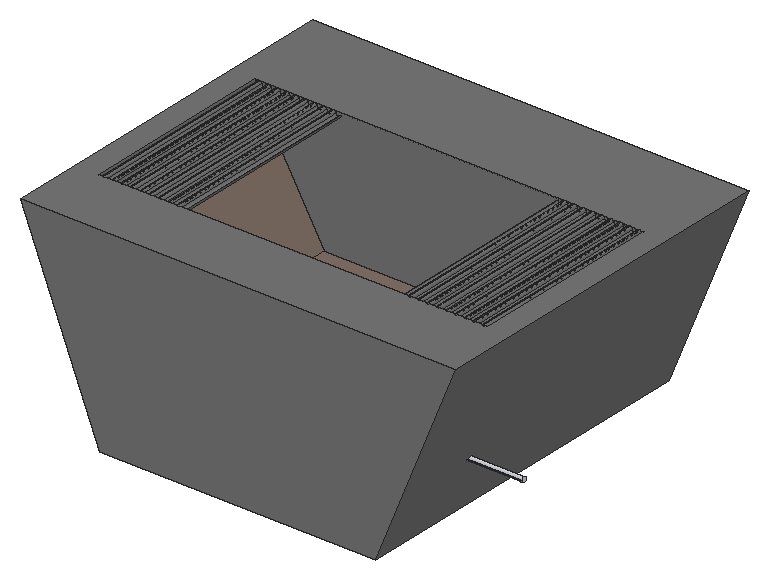
Revit family "Fireplace_Wood_Heatilator_Element", category Mechanical Equipment, host Face, Revit 2015
Parameters (values of type "42x21 Viewing Area Gas Log")
  hvacrad [instance] = Outside Air Connection Diameter / 2  # 0' - 2 1/2"
  gasrad [instance] = Gas Connection Diameter / 2  # 0' - 0 1/4"
  exhaustrad [instance] = Exhaust Connection Diameter / 2  # 0' - 2 1/2"
  Warranty Duration (Years) = 0
  Unit Width = 3' - 11"
  Unit Weight = 0
  Unit Height = 3' - 3 1/2"
  Unit Depth = 1' - 9 3/8"
  URL = "http://www.heatilator.com/"
  Test Data = ""
  Standards Conformance = "UL  ;  cUL"
  Specification = "http://www.arcat.com/sdspecs/htm04/10_31_07hea.htm"
  SpecWizard = ""
  Send Message = "http://www.arcat.com/users.pl?action=UserEmail&amp;company=Heatilator<sup><small></small></sup>&amp;coid=49248&amp;rep=144&amp;fax=&amp;mf=95"
  Screen [instance] = ElementFace : Mesh Screen
  Sales Information = "http://www.heatilator.com/Contact-Us.aspx"
  Revision = "R2_2014-09"
  Recess Into Host [instance] = 1' - 9 3/8"
  Rear Width = 2' - 5 3/4"
  Rear Wall Finish [instance] = Masonry - Heatilator - Brick as Specified
  Product Properties = ""
  Product Data = "http://www.arcat.com/arcatcos/cos9549/arc49248.html"
  Opening Width = 3' - 6"
  Opening Height = 1' - 9"
  Mounting Height [instance] = 1' - 10.76867"
  Model = "EL42 Gas"
  Manufacturer Website = "http://www.heatilator.com/"
  Manufacturer Phone - Toll Free = "800-927-6841"
  Manufacturer Phone = ""
  Manufacturer Fax = ""
  Manufacturer Address = "7571 215th St. W.  Lakeville, MN 55044"
  Manufacturer = "Heatilator"
  Maintenance Schedule (Months) = 0
  Keynote = "10305"
  Installation-Fabrication = ""
  Installation Phase = ""
  Heating Capacity = "as Specified"
  HVAC_BTU Output = 0.0 Btu/h
  HVAC_BTU Input = 100000.0 Btu/h
  Outside Air Connection Diameter [instance] = 5"
  Green Building-LEED = ""
  Glazing Tint [instance] = Glazing - Heatilator - Clear
  Gas Connection Diameter [instance] = 1/2"
  Fuel Type = "NG"
  Fuel Consumption = "as Specified"
  Fixture Finish = Metal - Heatilator - Metallic Black
  Expected Lifespan (Years) = 0
  Exhaust Connection Diameter [instance] = 5"
  Efficiency Ratings = "as Specified"
  Drawn By = "Sumex Design, Inc. / Robert S. Weygant, CSI, CDT, SCIP"
  Door Finish [instance] = Metal - Heatilator - Metallic Black
  Description = "Heatilator Gas Burning Fireplace - Element EL42 as Specified"
  Default Elevation = 0' - 0"
  Copyright = "©Arcat Inc."
  Construction Details = "http://www.arcat.com/details/heatil/heatil.html?coid=49248"
  Building Codes = ""
  Assembly Code = "D3020"
Types (4): name | Unit Width | Rear Width | Opening Width | Model | HVAC_BTU Input | Fuel Type | Efficiency Ratings | Description
  42x21 Viewing Area Gas Log | 3' - 11" | 2' - 5 3/4" | 3' - 6" | "EL42 Gas" | 100000.0 Btu/h | "NG" | "as Specified" | "Heatilator Gas Burning Fireplace - Element EL42 as Specified"
  36x21 Viewing Area Gas Log | 3' - 5" | 1' - 11 3/4" | 3' - 0" | "EL36 Gas" | 100000.0 Btu/h | "NG" | "as Specified" | "Heatilator Gas Burning Fireplace - Element EL36 as Specified"
  42x21 Viewing Area Wood | 3' - 11" | 2' - 5 3/4" | 3' - 6" | "EL42" | 0.0 Btu/h | "Wood" | "Determined by Wood Used" | "Heatilator Wood Burning Fireplace - Element EL42 as Specified"
  36x21 Viewing Area Wood | 3' - 5" | 1' - 11 3/4" | 3' - 0" | "EL36" | 0.0 Btu/h | "Wood" | "Determined by Wood Used" | "Heatilator Wood Burning Fireplace - Element EL36 as Specified"
Reference planes (in)
  plane 1 "Opening CL": y = 0
  plane 2: z = 0
  plane 3 "Center (Left/Right)": x = 0
  plane 4: z = -21.375
  plane 5 "Front": z = 0
  plane 6: x = -21
  plane 7: x = 21
  plane 8: y = 10.0625
  plane 9 "FF": y = -41.20617
  plane 10: y = -18.4375
  plane 11: y = -10.9375
  plane 12: x = -23.5
  plane 13: x = 23.5
  plane 14: y = 21.0625
  plane 15: x = -14.875
  plane 16: x = 14.875
Forms (in)
  Extrusion 1, void
    sketch origin (0, 0, 0) x (1, 0, 0) y (0, 1, 0)
      loop
        line (23.5, 21.0625) -> (-23.5, 21.0625) -> (-23.5, -18.4375) -> (23.5, -18.4375) -> (23.5, 21.0625)
    from -21.375 to 5.63952
  Extrusion 2, solid
    sketch origin (0, 21.0625, 0) x (0, 0, -1) y (1, 0, 0)
      loop
        circle (14, 0) r 2.5
    from 0 to 2.19594
  Extrusion 3, solid, material "Metal - Heatilator - Metallic Black" <- "Fixture Finish"
    sketch origin (0, 0, 0) x (1, 0, 0) y (0, 0, 1)
      loop
        line (-23.5, 0) -> (-14.875, -21.375) -> (14.875, -21.375) -> (23.5, 0) -> (-23.5, 0)
    from 10.9375 to 18.4375
  Extrusion 4, solid, material "Metal - Heatilator - Metallic Black" <- "Fixture Finish"
    sketch origin (0, 0, 0) x (1, 0, 0) y (0, 0, 1)
      loop
        line (-23.5, 0) -> (-14.875, -21.375) -> (14.875, -21.375) -> (23.5, 0) -> (21, 0) -> (21, -1) -> (13.49445, -14) -> (-13.49445, -14) -> (-21, -1) -> (-21, 0) -> (-23.5, 0)
    from -10.0625 to 10.9375
  Extrusion 5, solid, material "Metal - Heatilator - Metallic Black" <- "Fixture Finish"
    sketch origin (-6.5, -18.4375, 48) x (1, 0, 0) y (0, 0, 1)
      loop
        line (-17, -48) -> (-8.375, -69.375) -> (21.375, -69.375) -> (30, -48) -> (-17, -48)
    from -28.5 to -39.5
  Extrusion 6, solid
    sketch origin (-23.5, -180, 14.07791) x (0, 0, 1) y (0, -1, 0)
      loop
        circle (-25.20291, -168.4375) r 2.5
    from 0 to 1.59306
  Extrusion 7, solid
    sketch origin (0, 0, 0) x (0, 1, 0) y (0, 0, 1)
      loop
        circle (-9.1875, -14.625) r 0.25
    from -23.5 to 23.5
Cuts and joins
  joined: Extrusion 3, Extrusion 4, Extrusion 5
Dimensions and locks (in)
  "Recess Into Host": level to plane 4
  "Unit Depth": plane 5 "Front" to plane 4
  equal spacing: plane 6, plane 3 "Center (Left/Right)", plane 7
  "Opening Width": plane 6 to plane 7
  "Mounting Height": plane 10 to plane 9 "FF"
  locked: plane 10 to plane 11 at 7.5
  "Opening Height": plane 8 to plane 11
  equal spacing: plane 12, plane 3 "Center (Left/Right)", plane 13
  "Unit Width": plane 12 to plane 13
  "Unit Height": plane 10 to plane 14
  locked: Extrusion 2 sketch curve to plane 3 "Center (Left/Right)" at 0
  equal spacing: plane 16, plane 3 "Center (Left/Right)", plane 15
  "Rear Width": plane 16 to plane 15
  locked: plane 5 "Front" to Extrusion 4 sketch curve at 14
  locked: plane 5 "Front" to Extrusion 4 sketch curve at 1  (x2)
  locked: plane 10 to Extrusion 6 sketch curve at 6.875
  locked: plane 5 "Front" to Extrusion 6 sketch curve at 11.125
  locked: Extrusion 7 sketch curve to plane 4 at 6.75
  locked: plane 10 to Extrusion 7 sketch curve at 9.25
  locked: Extrusion 2 sketch curve to plane 4 at 7.375
  "exhaustrad": radius of Extrusion 2 sketch curve
  "hvacrad": radius of Extrusion 6 sketch curve
  "gasrad": radius of Extrusion 7 sketch curve
  locked: Extrusion 4 sketch curve to plane 7 (angle 30.00°)
  locked: plane 6 to Extrusion 4 sketch curve (angle 30.00°)
  aligned and locked: plane 2 to host face
  aligned and locked: level to host face
  aligned: Extrusion 1 to plane 5 "Front"
  aligned and locked: Extrusion 1 to plane 4
  aligned and locked: Extrusion 1 sketch curve to plane 10
  aligned and locked: plane 13 to Extrusion 1 sketch curve
  aligned and locked: Extrusion 1 sketch curve to plane 12
  aligned and locked: Extrusion 1 sketch curve to plane 14
  aligned and locked: plane 5 "Front" to Extrusion 3 sketch curve
  aligned and locked: Extrusion 3 sketch curve to plane 4
  aligned and locked: plane 16 to Extrusion 3 sketch curve
  aligned and locked: plane 15 to Extrusion 3 sketch curve
  aligned and locked: Extrusion 3 to plane 10
  aligned and locked: Extrusion 3 to plane 11
  aligned and locked: plane 5 "Front" to Extrusion 4 sketch curve
  aligned and locked: Extrusion 4 sketch curve to plane 5 "Front"
  aligned and locked: plane 15 to Extrusion 4 sketch curve
  aligned and locked: plane 16 to Extrusion 4 sketch curve
  aligned and locked: Extrusion 4 sketch curve to plane 4
  aligned and locked: Extrusion 4 to plane 8
  aligned and locked: Extrusion 4 to plane 11
  aligned and locked: plane 5 "Front" to Extrusion 5 sketch curve
  aligned and locked: plane 15 to Extrusion 5 sketch curve
  aligned and locked: plane 16 to Extrusion 5 sketch curve
  aligned and locked: plane 13 to Extrusion 5 sketch curve
  aligned and locked: plane 12 to Extrusion 5 sketch curve
  aligned and locked: Extrusion 5 to plane 8
  aligned and locked: nested 1 to plane 10
  aligned and locked: plane 3 "Center (Left/Right)" to nested 1
  aligned and locked: plane 13 to Extrusion 7
  aligned and locked: Extrusion 7 to plane 12
  aligned and locked: Extrusion 5 to plane 14
Automatic sketch dimensions
  host sketch curve to host sketch curve = 8' - 0"
  host sketch curve to host sketch curve = 10' - 4 9/16"
  Extrusion 3 sketch curve to plane 12 = 0' - 0"
  Extrusion 3 sketch curve to plane 13 = 0' - 0"
  Extrusion 4 sketch curve to plane 12 = 0' - 0"
  Extrusion 4 sketch curve to plane 6 = 0' - 0"
  Extrusion 4 sketch curve to plane 7 = 0' - 0"
  Extrusion 4 sketch curve to plane 13 = 0' - 0"
  Extrusion 5 sketch curve to plane 4 = 0' - 0"
Nested families (in)
  nested 1: "ElementFace" at (0, -18.4375, -0.75), Width <- "Opening Width", frame finish <- "Door Finish", clear material <- "Glazing Tint", type <- "Screen", type "Mesh Screen"
    with frame finish Metal - Heatilator - Metallic Black, clear material Glazing - Heatilator - Clear, built-in parameter 1001301 3' - 6", Mesh Screen yes, Mesh Doodads no, BiFold no
Connectors (in)
  hvac at (0, 21.0625, -14), driven by "exhaustrad"
    settings: on Extrusion 2, index 2, duct flow 0 CFM, flow factor 0, pres drop 0.00 in-wg, loss coef 0, conn angle 0.00°, conn width 12", conn height 12", conn diameter 5", duct sys type 3, conn prof type 0, flow config 0, flow direction 2, loss method 0, conn ref index -1, conn util no, is conn primary yes, conn desc "Exhaust"
  hvac at (-23.5, -11.5625, -11.125), driven by "hvacrad"
    settings: on Extrusion 6, index 4, duct flow 0 CFM, flow factor 0, pres drop 0.00 in-wg, loss coef 0, conn angle 0.00°, conn width 12", conn height 12", conn diameter 5", duct sys type 1, conn prof type 0, flow config 0, flow direction 1, loss method 0, conn ref index -1, conn util no, is conn primary no, conn desc "Outdoor Air"
  piping at (23.5, -9.1875, -14.625), diameter 0.5, driven by "gasrad"
    settings: on Extrusion 7, index 5, connector inside diameter 1/2", connector length 0' - 0", flow factor 0, pipe flow 0 GPM, pressure drop 0.00 psi, fitting loss kfactor 0, connector angle 0.00°, fixture units 0, engagement length 0' - 0", angle of deflection 0.00°, flow configuration 0, flow direction 1, fitting loss method 0, system type 29, joint type 0, gender type 0, connector reference index -1, connector utility 0, adjustable connector no, is connector primary yes, connector description "Gas Inlet - CONNECT ONE"
  piping at (-23.5, -9.1875, -14.625), diameter 0.5, driven by "gasrad"
    settings: on Extrusion 7, index 6, connector inside diameter 1/2", connector length 0' - 0", flow factor 0, pipe flow 0 GPM, pressure drop 0.00 psi, fitting loss kfactor 0, connector angle 0.00°, fixture units 0, engagement length 0' - 0", angle of deflection 0.00°, flow configuration 0, flow direction 1, fitting loss method 0, system type 29, joint type 0, gender type 0, connector reference index -1, connector utility 0, adjustable connector no, is connector primary no, connector description "Gas Inlet - CONNECT ONE"
Definition of nested family "ElementFace"
  Parameters
    frame finish [instance] = none
    clear material [instance] = none
    Width [instance] = 3' - 0"
    Mesh Screen = no
    Mesh Doodads = yes
    Default Elevation = 4' - 0"
    BiFold = yes
    Assembly Code = ""
  Reference planes (in)
    plane 1 "Center (Front/Back)": y = 0
    plane 2: z = 0
    plane 3 "Center (Left/Right)": x = 0
    plane 4: x = -18
    plane 5: x = 18
    plane 6: y = 7.5
    plane 7: y = 28.5
    plane 8: x = -9
    plane 9: x = 9
  Forms (in)
    Extrusion 1, solid, material <- "frame finish", visible <- "BiFold"
      sketch origin (0, 0, 0) x (1, 0, 0) y (0, 1, 0)
        loop
          line (-18, 28.5) -> (-18, 7.5) -> (18, 7.5) -> (18, 28.5) -> (-18, 28.5)
        loop
          line (-17, 8.5) -> (17, 8.5) -> (17, 27.5) -> (-17, 27.5) -> (-17, 8.5)
      from 0 to 0.75
    Extrusion 2, solid, material <- "frame finish", visible <- "BiFold"
      sketch origin (0, 0, 0) x (1, 0, 0) y (0, 1, 0)
        loop
          line (-9.125, 27.5) -> (-17, 27.5) -> (-17, 8.5) -> (-9.125, 8.5) -> (-9.125, 9.5) -> (-16, 9.5) -> (-16, 26.5) -> (-9.125, 26.5) -> (-9.125, 27.5)
        loop
          line (9.125, 27.5) -> (9.125, 26.5) -> (16, 26.5) -> (16, 9.5) -> (9.125, 9.5) -> (9.125, 8.5) -> (17, 8.5) -> (17, 27.5) -> (9.125, 27.5)
        loop
          line (-8.875, 27.5) -> (-8.875, 26.5) -> (-0.6875, 26.5) -> (-0.6875, 9.5) -> (-8.875, 9.5) -> (-8.875, 8.5) -> (-0.1875, 8.5) -> (-0.1875, 27.5) -> (-8.875, 27.5)
        loop
          line (8.875, 27.5) -> (0.1875, 27.5) -> (0.1875, 8.5) -> (8.875, 8.5) -> (8.875, 9.5) -> (0.6875, 9.5) -> (0.6875, 26.5) -> (8.875, 26.5) -> (8.875, 27.5)
      from 0 to 0.75
    Extrusion 3, solid, material <- "clear material", visible <- "BiFold"
      sketch origin (0, 0, 0) x (1, 0, 0) y (0, 1, 0)
        loop
          line (-9.125, 26.5) -> (-16, 26.5) -> (-16, 9.5) -> (-9.125, 9.5) -> (-9.125, 26.5)
        loop
          line (-8.875, 26.5) -> (-8.875, 9.5) -> (-0.6875, 9.5) -> (-0.6875, 26.5) -> (-8.875, 26.5)
        loop
          line (9.125, 26.5) -> (9.125, 9.5) -> (16, 9.5) -> (16, 26.5) -> (9.125, 26.5)
        loop
          line (8.875, 26.5) -> (0.6875, 26.5) -> (0.6875, 9.5) -> (8.875, 9.5) -> (8.875, 26.5)
      from 0.5 to 0.25
    Extrusion 4, solid, material <- "frame finish", visible <- "Mesh Doodads"
      sketch origin (0, 0, 0) x (1, 0, 0) y (0, 1, 0)
        loop
          line (-17.69338, 23.64349) -> (-17.69338, 21.39349) -> (-16.44338, 21.39349) -> (-16.44338, 23.64349) -> (-17.69338, 23.64349)
        loop
          line (17.69338, 23.64349) -> (16.44338, 23.64349) -> (16.44338, 21.39349) -> (17.69338, 21.39349) -> (17.69338, 23.64349)
        loop
          line (-17.69338, 14.39349) -> (-17.69338, 12.14349) -> (-16.44338, 12.14349) -> (-16.44338, 14.39349) -> (-17.69338, 14.39349)
        loop
          line (17.69338, 14.39349) -> (16.44338, 14.39349) -> (16.44338, 12.14349) -> (17.69338, 12.14349) -> (17.69338, 14.39349)
      from 0.75 to 1.25
    Extrusion 5, solid, material <- "frame finish", visible <- "Mesh Doodads"
      sketch origin (0, 0, 0) x (1, 0, 0) y (0, 1, 0)
        loop
          line (-1.27485, 9.2509) -> (-3.52485, 9.2509) -> (-3.52485, 8.7509) -> (-1.27485, 8.7509) -> (-1.27485, 9.2509)
        loop
          line (1.27485, 9.2509) -> (1.27485, 8.7509) -> (3.52485, 8.7509) -> (3.52485, 9.2509) -> (1.27485, 9.2509)
      from 0.75 to 1.75
    Sweep 6, solid, material <- "frame finish", visible <- "Mesh Screen"
      path origin (0, 0, 0) x (1, 0, 0) y (0, 1, 0)
        loop
          line (-18, 7.5) -> (-18, 28.5)
      profile origin (-18, 18, 0) x (-1, 0, 0) y (0, 0, 1)
        loop
          arc (-0.25, 0.5) -> (-0.5, 0.75) -> (-0.75, 0.5) r 0.25
          arc (-0.75, 0.5) -> (-1, 0.25) -> (-1.25, 0.5) r 0.25
          arc (-1.25, 0.5) -> (-1.5, 0.75) -> (-1.75, 0.5) r 0.25
          arc (-1.75, 0.5) -> (-2, 0.25) -> (-2.25, 0.5) r 0.25
          arc (-2.25, 0.5) -> (-2.5, 0.75) -> (-2.75, 0.5) r 0.25
          arc (-2.75, 0.5) -> (-3, 0.25) -> (-3.25, 0.5) r 0.25
          arc (-3.25, 0.5) -> (-3.5, 0.75) -> (-3.75, 0.5) r 0.25
          arc (-3.75, 0.5) -> (-4, 0.25) -> (-4.25, 0.5) r 0.25
          arc (-4.25, 0.5) -> (-4.5, 0.75) -> (-4.75, 0.5) r 0.25
          arc (-4.75, 0.5) -> (-5, 0.25) -> (-5.25, 0.5) r 0.25
          arc (-5.25, 0.5) -> (-5.5, 0.75) -> (-5.75, 0.5) r 0.25
          arc (-5.75, 0.5) -> (-6, 0.25) -> (-6.25, 0.5) r 0.25
          arc (-6.25, 0.5) -> (-6.5, 0.75) -> (-6.75, 0.5) r 0.25
          arc (-6.75, 0.5) -> (-7, 0.25) -> (-7.25, 0.5) r 0.25
          arc (-7.25, 0.5) -> (-7.5, 0.75) -> (-7.75, 0.5) r 0.25
          arc (-7.75, 0.5) -> (-8, 0.25) -> (-8.25, 0.5) r 0.25
          arc (-8.25, 0.5) -> (-8.5, 0.75) -> (-8.75, 0.5) r 0.25
          arc (-8.75, 0.5) -> (-9, 0.25) -> (-9.25, 0.5) r 0.25
          line (-9.25, 0.5) -> (-9.3125, 0.5)
          arc (-9.3125, 0.5) -> (-9, 0.1875) -> (-8.6875, 0.5) r 0.3125
          arc (-8.6875, 0.5) -> (-8.5, 0.6875) -> (-8.3125, 0.5) r 0.1875
          arc (-8.3125, 0.5) -> (-8, 0.1875) -> (-7.6875, 0.5) r 0.3125
          arc (-7.6875, 0.5) -> (-7.5, 0.6875) -> (-7.3125, 0.5) r 0.1875
          arc (-7.3125, 0.5) -> (-7, 0.1875) -> (-6.6875, 0.5) r 0.3125
          arc (-6.6875, 0.5) -> (-6.5, 0.6875) -> (-6.3125, 0.5) r 0.1875
          arc (-6.3125, 0.5) -> (-6, 0.1875) -> (-5.6875, 0.5) r 0.3125
          arc (-5.6875, 0.5) -> (-5.5, 0.6875) -> (-5.3125, 0.5) r 0.1875
          arc (-5.3125, 0.5) -> (-5, 0.1875) -> (-4.6875, 0.5) r 0.3125
          arc (-4.6875, 0.5) -> (-4.5, 0.6875) -> (-4.3125, 0.5) r 0.1875
          arc (-4.3125, 0.5) -> (-4, 0.1875) -> (-3.6875, 0.5) r 0.3125
          arc (-3.6875, 0.5) -> (-3.5, 0.6875) -> (-3.3125, 0.5) r 0.1875
          arc (-3.3125, 0.5) -> (-3, 0.1875) -> (-2.6875, 0.5) r 0.3125
          arc (-2.6875, 0.5) -> (-2.5, 0.6875) -> (-2.3125, 0.5) r 0.1875
          arc (-2.3125, 0.5) -> (-2, 0.1875) -> (-1.6875, 0.5) r 0.3125
          arc (-1.6875, 0.5) -> (-1.5, 0.6875) -> (-1.3125, 0.5) r 0.1875
          arc (-1.3125, 0.5) -> (-1, 0.1875) -> (-0.6875, 0.5) r 0.3125
          arc (-0.6875, 0.5) -> (-0.46829, 0.6848) -> (-0.32322, 0.4375) r 0.1875
          line (-0.32322, 0.4375) -> (0, 0.4375) -> (0, 0.5) -> (-0.25, 0.5)
    Sweep 7, solid, material <- "frame finish", visible <- "Mesh Screen"
      path origin (0, 0, 0) x (1, 0, 0) y (0, 1, 0)
        loop
          line (18, 28.5) -> (18, 7.5)
      profile origin (18, 18, 0) x (1, 0, 0) y (0, 0, 1)
        loop
          arc (-8.25, 0.5) -> (-8.5, 0.75) -> (-8.75, 0.5) r 0.25
          arc (-8.75, 0.5) -> (-9, 0.25) -> (-9.25, 0.5) r 0.25
          line (-9.25, 0.5) -> (-9.3125, 0.5)
          arc (-9.3125, 0.5) -> (-9, 0.1875) -> (-8.6875, 0.5) r 0.3125
          arc (-8.6875, 0.5) -> (-8.5, 0.6875) -> (-8.3125, 0.5) r 0.1875
          arc (-8.3125, 0.5) -> (-8, 0.1875) -> (-7.6875, 0.5) r 0.3125
          arc (-7.6875, 0.5) -> (-7.5, 0.6875) -> (-7.3125, 0.5) r 0.1875
          arc (-7.3125, 0.5) -> (-7, 0.1875) -> (-6.6875, 0.5) r 0.3125
          arc (-6.6875, 0.5) -> (-6.5, 0.6875) -> (-6.3125, 0.5) r 0.1875
          arc (-6.3125, 0.5) -> (-6, 0.1875) -> (-5.6875, 0.5) r 0.3125
          arc (-5.6875, 0.5) -> (-5.5, 0.6875) -> (-5.3125, 0.5) r 0.1875
          arc (-5.3125, 0.5) -> (-5, 0.1875) -> (-4.6875, 0.5) r 0.3125
          arc (-4.6875, 0.5) -> (-4.5, 0.6875) -> (-4.3125, 0.5) r 0.1875
          arc (-4.3125, 0.5) -> (-4, 0.1875) -> (-3.6875, 0.5) r 0.3125
          arc (-3.6875, 0.5) -> (-3.5, 0.6875) -> (-3.3125, 0.5) r 0.1875
          arc (-3.3125, 0.5) -> (-3, 0.1875) -> (-2.6875, 0.5) r 0.3125
          arc (-2.6875, 0.5) -> (-2.5, 0.6875) -> (-2.3125, 0.5) r 0.1875
          arc (-2.3125, 0.5) -> (-2, 0.1875) -> (-1.6875, 0.5) r 0.3125
          arc (-1.6875, 0.5) -> (-1.5, 0.6875) -> (-1.3125, 0.5) r 0.1875
          arc (-1.3125, 0.5) -> (-1, 0.1875) -> (-0.6875, 0.5) r 0.3125
          arc (-0.6875, 0.5) -> (-0.46829, 0.6848) -> (-0.32322, 0.4375) r 0.1875
          line (-0.32322, 0.4375) -> (0, 0.4375) -> (0, 0.5) -> (-0.25, 0.5)
          arc (-0.25, 0.5) -> (-0.5, 0.75) -> (-0.75, 0.5) r 0.25
          arc (-0.75, 0.5) -> (-1, 0.25) -> (-1.25, 0.5) r 0.25
          arc (-1.25, 0.5) -> (-1.5, 0.75) -> (-1.75, 0.5) r 0.25
          arc (-1.75, 0.5) -> (-2, 0.25) -> (-2.25, 0.5) r 0.25
          arc (-2.25, 0.5) -> (-2.5, 0.75) -> (-2.75, 0.5) r 0.25
          arc (-2.75, 0.5) -> (-3, 0.25) -> (-3.25, 0.5) r 0.25
          arc (-3.25, 0.5) -> (-3.5, 0.75) -> (-3.75, 0.5) r 0.25
          arc (-3.75, 0.5) -> (-4, 0.25) -> (-4.25, 0.5) r 0.25
          arc (-4.25, 0.5) -> (-4.5, 0.75) -> (-4.75, 0.5) r 0.25
          arc (-4.75, 0.5) -> (-5, 0.25) -> (-5.25, 0.5) r 0.25
          arc (-5.25, 0.5) -> (-5.5, 0.75) -> (-5.75, 0.5) r 0.25
          arc (-5.75, 0.5) -> (-6, 0.25) -> (-6.25, 0.5) r 0.25
          arc (-6.25, 0.5) -> (-6.5, 0.75) -> (-6.75, 0.5) r 0.25
          arc (-6.75, 0.5) -> (-7, 0.25) -> (-7.25, 0.5) r 0.25
          arc (-7.25, 0.5) -> (-7.5, 0.75) -> (-7.75, 0.5) r 0.25
          arc (-7.75, 0.5) -> (-8, 0.25) -> (-8.25, 0.5) r 0.25
  Dimensions and locks (in)
    equal spacing: plane 4, plane 3 "Center (Left/Right)", plane 5
    "Width": plane 4 to plane 5
    locked: plane 1 "Center (Front/Back)" to plane 6 at 7.5
    locked: plane 7 to plane 6 at 21
    equal spacing: plane 4, plane 8, plane 3 "Center (Left/Right)"
    equal spacing: plane 3 "Center (Left/Right)", plane 9, plane 5
    locked: Extrusion 2 sketch curve to plane 8 at 0.125  (x2)
    plane 4 to Extrusion 2 sketch curve to Extrusion 2 sketch curve = 0' - 1" locked, 0' - 1" locked
    locked: Extrusion 2 sketch curve to Extrusion 2 sketch curve at 1
    locked: plane 9 to Extrusion 2 sketch curve at 0.125  (x2)
    Extrusion 2 sketch curve to Extrusion 2 sketch curve to plane 3 "Center (Left/Right)" = 0' - 0 1/2" locked, 0' - 0 3/16" locked
    plane 3 "Center (Left/Right)" to Extrusion 2 sketch curve to Extrusion 2 sketch curve = 0' - 0 3/16" locked, 0' - 0 1/2" locked
    locked: plane 8 to Extrusion 2 sketch curve at 0.125  (x2)
    locked: Extrusion 2 sketch curve to plane 9 at 0.125  (x2)
    locked: Extrusion 2 sketch curve to plane 5 at 1
    Extrusion 3 sketch curve to plane 8 to Extrusion 3 sketch curve = 0' - 0 1/8" locked, 0' - 0 1/8" locked
    Extrusion 3 sketch curve to plane 9 to Extrusion 3 sketch curve = 0' - 0 1/8" locked, 0' - 0 1/8" locked
    Extrusion 3 sketch curve to plane 3 "Center (Left/Right)" to Extrusion 3 sketch curve = 0' - 0 11/16" locked, 0' - 0 11/16" locked
    locked: plane 4 to Extrusion 3 sketch curve at 2
    locked: Extrusion 3 sketch curve to plane 5 at 2
    Extrusion 5 sketch curve to Extrusion 5 sketch curve to plane 3 "Center (Left/Right)" = 0' - 2 1/4" locked, 0' - 1.27485" locked
    plane 3 "Center (Left/Right)" to Extrusion 5 sketch curve to Extrusion 5 sketch curve = 0' - 1.27485" locked, 0' - 2 1/4" locked
    aligned and locked: plane 2 to level
    aligned and locked: plane 7 to Sweep 6 sketch curve
    aligned and locked: plane 4 to Sweep 6 sketch curve
    aligned and locked: plane 6 to Sweep 7 sketch curve
    aligned and locked: Sweep 7 sketch curve to plane 5
    aligned and locked: plane 7 to Sweep 7 sketch curve
  Automatic sketch dimensions
    Extrusion 1 sketch curve to plane 4 = 0' - 0"
    Extrusion 1 sketch curve to plane 5 = 0' - 0"
    Extrusion 1 sketch curve to plane 6 = 0' - 0"
    Extrusion 1 sketch curve to plane 7 = 0' - 0"
    plane 4 to Extrusion 1 sketch curve = 0' - 1"
    Extrusion 1 sketch curve to plane 5 = 0' - 1"
    plane 6 to Extrusion 1 sketch curve = 0' - 1"
    Extrusion 1 sketch curve to plane 7 = 0' - 1"
    plane 6 to Extrusion 2 sketch curve = 0' - 1"  (x3)
    Extrusion 2 sketch curve to Extrusion 2 sketch curve = 0' - 0"  (x4)
    Extrusion 2 sketch curve to Extrusion 2 sketch curve = 0' - 1"  (x2)
    Extrusion 2 sketch curve to plane 7 = 0' - 2"  (x4)
    Extrusion 2 sketch curve to plane 7 = 0' - 1"  (x3)
    plane 6 to Extrusion 3 sketch curve = 0' - 2"  (x3)
    Extrusion 3 sketch curve to Extrusion 3 sketch curve = 0' - 0"  (x3)
    Extrusion 3 sketch curve to plane 7 = 0' - 2"  (x2)
    plane 4 to Extrusion 4 sketch curve = 0' - 0.30662"  (x2)
    Extrusion 4 sketch curve to Extrusion 4 sketch curve = 0' - 1 1/4"  (x2)
    Extrusion 4 sketch curve to plane 5 = 0' - 1.55662"  (x2)
    Extrusion 4 sketch curve to plane 5 = 0' - 0.30662"  (x2)
    plane 6 to Extrusion 4 sketch curve = 0' - 4.64349"  (x2)
    Extrusion 4 sketch curve to Extrusion 4 sketch curve = 0' - 2 1/4"  (x4)
    Extrusion 4 sketch curve to plane 7 = 0' - 7.10651"  (x2)
    plane 6 to Extrusion 5 sketch curve = 0' - 1.7509"
    plane 6 to Extrusion 5 sketch curve = 0' - 1.2509"
    Extrusion 5 sketch curve to Extrusion 5 sketch curve = 0' - 0 1/2"  (x2)
    Sweep 6 sketch curve to plane 6 = 0' - 0"
    Sweep 6 sketch curve to Sweep 6 sketch curve = 0' - 0"  (x70)
    Sweep 6 sketch curve to profile plane = 0' - 0"
    profile plane to Sweep 6 sketch curve = 0' - 0 1/4"
    Sweep 6 sketch curve to Sweep 6 sketch curve = 0' - 0.07322"
    Sweep 6 sketch curve to Sweep 6 sketch curve = 0' - 0.17678"
    Sweep 6 sketch curve to Sweep 6 sketch curve = 0' - 0 1/16"
    Sweep 6 sketch curve to Sweep 6 sketch curve = 0' - 0 1/4"  (x9)
    Sweep 6 sketch curve to Sweep 6 sketch curve = 0' - 0 3/16"  (x8)
    level to Sweep 6 sketch curve = 0' - 0 7/16"
    Sweep 7 sketch curve to Sweep 7 sketch curve = 0' - 0"  (x70)
    profile plane to Sweep 7 sketch curve = 0' - 0"
    profile plane to Sweep 7 sketch curve = 0' - 0 1/4"
    Sweep 7 sketch curve to Sweep 7 sketch curve = 0' - 0.07322"
    Sweep 7 sketch curve to Sweep 7 sketch curve = 0' - 0.17678"
    Sweep 7 sketch curve to Sweep 7 sketch curve = 0' - 0 1/16"
    Sweep 7 sketch curve to Sweep 7 sketch curve = 0' - 0 1/4"  (x9)
    Sweep 7 sketch curve to Sweep 7 sketch curve = 0' - 0 3/16"  (x8)
    level to Sweep 7 sketch curve = 0' - 0 7/16"
